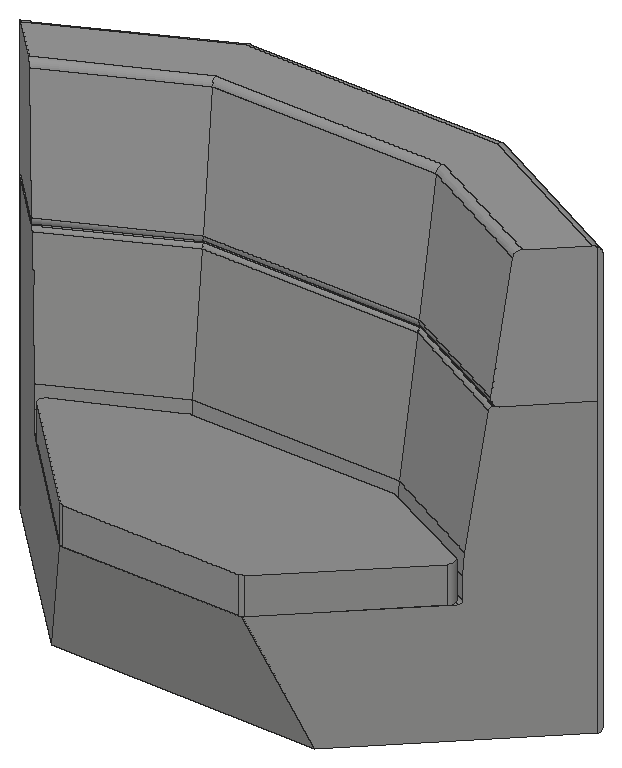
Revit family "TakeUp 2 Tier Corner", category Furniture, Revit 2016
Family settings
  OmniClass Number = 23.40.00.00
  OmniClass Title = Equipment and Furnishings
  Work Plane-Based = No
  Always vertical = Yes
  Cut with Voids When Loaded = No
  Shared = No
  Room Calculation Point = No
Parameters (values of type "TKUMCA")
  URL = "www.gof.co.uk"
  Top = Gresham - White MFC
  Tier 3 = Gresham - Dark Grey
  Tier 2 = Gresham - Dark Grey
  Tier 1 = Gresham - Grey Fabric
  Seat (Visibility) = yes
  Seat = Gresham - Grey Fabric
  Range = "SEATING"
  Arms = Gresham - Dark Grey
  Product Code = "TKUMCA"
  Model = "TAKE UP"
  Manufacturer = "Gresham Office Funiture"  # constant formula
  Foot = Gresham - Black Plastic
  Assembly Code = "E2020200"
Types (2, lengths in mm): name | Seat (Visibility) | Product Code
  TKUMCA | yes | "TKUMCA"
  TKUMCTA | no | "TKUMCTA"
Reference planes
  plane 1 "Center (Front/Back)": y = -80.34
  plane 2: z = 0
  plane 3 "Center (Left/Right)": x = 0
  plane 4 "Foot": z = 15
  plane 5: z = 451
  plane 6: z = 834
  plane 7: z = 1217
  plane 8: z = 1600
  plane 9: y = 310.805
  plane 10: y = -471.485
  plane 11: through (-802.958, 81.473, 1200) normal (0.7071, 0.7071, 0)
  plane 12: through (802.958, 81.473, 1200) normal (0.7071, -0.7071, 0)
  plane 13: x = -350
  plane 14: x = 350
Forms (mm)
  Revolve 1, solid, material "Gresham - Black Plastic" <- "Foot"
    sketch origin (200.31, 74.402, 1.204) x (-1, 0, 0) y (0, 0, 1)
      loop
        line (911.343, 13.796) -> (911.343, -1.204) -> (925.892, -1.204)
        arc (925.892, -1.204) -> (932.417, 1.499) -> (935.119, 8.023) r 9.227
        line (935.119, 8.023) -> (935.119, 13.796) -> (911.343, 13.796)
      axis (911.343, 13.796) -> (911.343, -1.204)
    angle from 0 to 360
  Sweep 2, solid, material "Gresham - Grey Fabric" <- "Tier 1"
    path in 3D
      loop
        line (795.886, 74.402, 125.27) -> (350, 300.805, 125.27) -> (-350, 300.805, 125.27) -> (-795.886, 74.402, 125.27)
    profile origin (0, 300.805, 125.27) x (0, -1, 0) y (0, 0, 1)
      loop
        line (772.29, -110.27) -> (772.29, 224.781) -> (287.678, 224.781)
        arc (287.678, 224.781) -> (280.607, 227.71) -> (277.678, 234.781) r 10
        line (277.678, 234.781) -> (277.678, 294.756)
        arc (277.678, 294.756) -> (276.665, 323.561) -> (273.631, 352.223) r 410
        line (273.631, 352.223) -> (224.381, 700.131)
        arc (224.381, 700.131) -> (221.036, 706.28) -> (214.479, 708.73) r 10
        line (214.479, 708.73) -> (0, 708.73) -> (0, -110.27) -> (772.29, -110.27)
  Revolve 3, solid, material "Gresham - Black Plastic" <- "Foot"
    sketch origin (592.136, -317.425, 1.204) x (-1, 0, 0) y (0, 0, 1)
      loop
        line (911.343, 13.796) -> (911.343, -1.204) -> (925.892, -1.204)
        arc (925.892, -1.204) -> (932.417, 1.499) -> (935.119, 8.023) r 9.227
        line (935.119, 8.023) -> (935.119, 13.796) -> (911.343, 13.796)
      axis (911.343, 13.796) -> (911.343, -1.204)
    angle from 0 to 360
  Revolve 4, solid, material "Gresham - Black Plastic" <- "Foot"
    sketch origin (-200.31, 74.402, 1.204) x (1, 0, 0) y (0, 0, -1)
      loop
        line (911.343, -13.796) -> (935.119, -13.796) -> (935.119, -8.023)
        arc (935.119, -8.023) -> (932.417, -1.499) -> (925.892, 1.204) r 9.227
        line (925.892, 1.204) -> (911.343, 1.204) -> (911.343, -13.796)
      axis (911.343, -13.796) -> (911.343, 1.204)
    angle from 0 to 360
  Revolve 5, solid, material "Gresham - Black Plastic" <- "Foot"
    sketch origin (-521.466, 239.411, 1.204) x (1, 0, 0) y (0, 0, -1)
      loop
        line (911.343, -13.796) -> (935.119, -13.796) -> (935.119, -8.023)
        arc (935.119, -8.023) -> (932.417, -1.499) -> (925.892, 1.204) r 9.227
        line (925.892, 1.204) -> (911.343, 1.204) -> (911.343, -13.796)
      axis (911.343, -13.796) -> (911.343, 1.204)
    angle from 0 to 360
  Revolve 6, solid, material "Gresham - Black Plastic" <- "Foot"
    sketch origin (-592.136, -317.425, 1.204) x (1, 0, 0) y (0, 0, -1)
      loop
        line (911.343, -13.796) -> (935.119, -13.796) -> (935.119, -8.023)
        arc (935.119, -8.023) -> (932.417, -1.499) -> (925.892, 1.204) r 9.227
        line (925.892, 1.204) -> (911.343, 1.204) -> (911.343, -13.796)
      axis (911.343, -13.796) -> (911.343, 1.204)
    angle from 0 to 360
  Sweep 7, solid, material "Gresham - Dark Grey" <- "Tier 2"
    path in 3D
      loop
        line (795.886, 74.402, 125.27) -> (350, 300.805, 125.27) -> (-350, 300.805, 125.27) -> (-795.886, 74.402, 125.27)
    profile origin (0, 300.805, 125.27) x (0, -1, 0) y (0, 0, 1)
      loop
        arc (-10, -100.271) -> (-7.071, -107.342) -> (0, -110.271) r 10
        line (0, -110.271) -> (0, 708.73) -> (201.343, 708.73)
        arc (201.343, 708.73) -> (216.395, 715.56) -> (221.166, 731.386) r 20
        line (221.166, 731.386) -> (175.204, 1074.386)
        arc (175.204, 1074.386) -> (168.551, 1086.782) -> (155.381, 1091.73) r 20
        line (155.381, 1091.73) -> (10, 1091.73)
        arc (10, 1091.73) -> (-4.142, 1085.872) -> (-10, 1071.73) r 20
        line (-10, 1071.73) -> (-10, -100.271)
  Extrusion 8, solid, material "Gresham - Grey Fabric" <- "Seat", visible <- "Seat (Visibility)"
    sketch origin (0, 1.625, 125.27) x (0, -1, 0) y (1, 0, 0)
      loop
        arc (473.11, 241.716) -> (471.587, 249.369) -> (467.252, 255.858) r 20
        line (467.252, 255.858) -> (156.786, 566.324)
        arc (156.786, 566.324) -> (139.343, 571.907) -> (124.668, 560.949) r 20
        line (124.668, 560.949) -> (-9.479, 285.907)
        arc (-9.479, 285.907) -> (-10.99, 281.638) -> (-11.503, 277.139) r 20
        line (-11.503, 277.139) -> (-11.503, -277.139)
        arc (-11.503, -277.139) -> (-10.99, -281.638) -> (-9.479, -285.907) r 20
        line (-9.479, -285.907) -> (124.668, -560.949)
        arc (124.668, -560.949) -> (139.343, -571.907) -> (156.786, -566.324) r 20
        line (156.786, -566.324) -> (467.252, -255.858)
        arc (467.252, -255.858) -> (471.587, -249.369) -> (473.11, -241.716) r 20
        line (473.11, -241.716) -> (473.11, 241.716)
    from 224.781 to 325.73
  Extrusion 9, void
    sketch origin (-78.499, -1318.3, 125.27) x (0.707107, -0.707107, 0) y (0.707107, 0.707107, 0)
      loop
        line (-63.581, 733.878) -> (-63.581, 1637.519) -> (-366.505, 1637.519) -> (-366.505, 733.878) -> (-63.581, 733.878)
    from -125.27 to 1474.73
  Extrusion 10, void
    sketch origin (78.499, -1318.3, 125.27) x (0.707107, 0.707107, 0) y (-0.707107, 0.707107, 0)
      loop
        line (63.581, 733.878) -> (366.505, 733.878) -> (366.505, 1637.519) -> (63.581, 1637.519) -> (63.581, 733.878)
    from -125.27 to 1474.73
  Extrusion 11, void
    sketch origin (0, 0, 125.27) x (0, -1, 0) y (1, 0, 0)
      loop
        line (471.485, 350) -> (471.485, -350) -> (534.654, -350) -> (534.654, 350) -> (471.485, 350)
    from -125.27 to 325.73
  Extrusion 12, void
    sketch origin (0, 0, 0) x (0, 1, 0) y (0, 0, 1)
      loop
        line (-339.537, -42.49) -> (-534.593, 537.799) -> (-534.593, -42.49) -> (-339.537, -42.49)
    from -500 to 500
  Revolve 13, solid, material "Gresham - Black Plastic" <- "Foot"
    sketch origin (521.466, 239.411, 1.204) x (-1, 0, 0) y (0, 0, 1)
      loop
        line (911.343, 13.796) -> (911.343, -1.204) -> (925.892, -1.204)
        arc (925.892, -1.204) -> (932.417, 1.499) -> (935.119, 8.023) r 9.227
        line (935.119, 8.023) -> (935.119, 13.796) -> (911.343, 13.796)
      axis (911.343, 13.796) -> (911.343, -1.204)
    angle from 0 to 360
  Extrusion 14, void
    sketch origin (0, 20.584, 115.219) x (0, -1, 0) y (1, 0, 0)
      loop
        arc (27.455, -274.746) -> (27.73, -277.074) -> (28.539, -279.273) r 10
        line (28.539, -279.273) -> (159.015, -536.238)
        arc (159.015, -536.238) -> (166.36, -541.586) -> (175.003, -538.781) r 10
        line (175.003, -538.781) -> (469.139, -244.645)
        arc (469.139, -244.645) -> (471.307, -241.4) -> (472.068, -237.574) r 10
        line (472.068, -237.574) -> (472.068, 237.574)
        arc (472.068, 237.574) -> (471.307, 241.4) -> (469.139, 244.645) r 10
        line (469.139, 244.645) -> (175.003, 538.781)
        arc (175.003, 538.781) -> (166.36, 541.586) -> (159.015, 536.238) r 10
        line (159.015, 536.238) -> (28.539, 279.273)
        arc (28.539, 279.273) -> (27.73, 277.074) -> (27.455, 274.746) r 10
        line (27.455, 274.746) -> (27.455, -274.746)
    from 204.781 to 249.781
  Extrusion 15, solid, material "Gresham - White MFC" <- "Top"
    sketch origin (0, 0, 125.27) x (0, -1, 0) y (1, 0, 0)
      loop
        arc (6.848, -274.7) -> (7.123, -277.027) -> (7.932, -279.227) r 10
        line (7.932, -279.227) -> (138.431, -536.238)
        arc (138.431, -536.238) -> (145.777, -541.586) -> (154.419, -538.781) r 10
        line (154.419, -538.781) -> (448.556, -244.645)
        arc (448.556, -244.645) -> (450.723, -241.4) -> (451.485, -237.574) r 10
        line (451.485, -237.574) -> (451.485, 237.574)
        arc (451.485, 237.574) -> (450.723, 241.4) -> (448.556, 244.645) r 10
        line (448.556, 244.645) -> (154.419, 538.781)
        arc (154.419, 538.781) -> (145.777, 541.586) -> (138.431, 536.238) r 10
        line (138.431, 536.238) -> (7.946, 279.244)
        arc (7.946, 279.244) -> (7.126, 277.031) -> (6.848, 274.688) r 10.002
        line (6.848, 274.688) -> (6.848, -274.7)
    from 194.73 to 219.73
Cuts and joins
  Extrusion 9, Extrusion 10, Extrusion 11, Extrusion 12, Extrusion 14 cuts Sweep 2
  Extrusion 9, Extrusion 10 cuts Sweep 7
  Extrusion 10 cuts Extrusion 8
Lines and regions (mm)
  sketch lines
    curve 1: line (350, 300.805, 125.27) -> (-350, 300.805, 125.27)
    curve 2: line (-350, 300.805, 125.27) -> (-795.886, 74.402, 125.27)
    curve 3: line (350, 300.805, 125.27) -> (795.886, 74.402, 125.27)
    curve 4: line (350, 300.805, 125.27) -> (-350, 300.805, 125.27)
    curve 5: line (350, 300.805, 125.27) -> (795.886, 74.402, 125.27)
    curve 6: line (-350, 300.805, 125.27) -> (-795.886, 74.402, 125.27)
Dimensions and locks
  locked: plane 4 "Foot" to level at 15
  Revolve 1 sketch curve to Revolve 1 sketch curve = 23.776 mm
  plane 5 to level = 451 mm  (x2)
  plane 5 to plane 6 = 383 mm
  plane 6 to plane 7 = 383 mm
  plane 7 to plane 8 = 383 mm
  locked: plane 8 to level at 1600
  plane 7 to plane 6 = 383 mm
  plane 8 to level = 1600 mm
  plane 9 to plane 10 = 782.29 mm
  equal spacing: plane 9, plane 1 "Center (Front/Back)", plane 10
  Revolve 3 sketch curve to Revolve 3 sketch curve = 23.776 mm
  locked: Revolve 1 to plane 11 at 76.812
  Revolve 4 sketch curve to Revolve 4 sketch curve = 23.776 mm
  Revolve 5 sketch curve to Revolve 5 sketch curve = 23.776 mm
  Revolve 6 sketch curve to Revolve 6 sketch curve = 23.776 mm
  plane 8 to plane 7 = 383 mm
  plane 6 to plane 5 = 383 mm
  locked: Revolve 3 to plane 11 at 43.188
  plane 13 to plane 3 "Center (Left/Right)" to plane 14 = 350 mm, 350 mm
  plane 13 to plane 14 = 700 mm
  locked: Revolve 4 to plane 12 at 76.812
  Revolve 13 sketch curve to Revolve 13 sketch curve = 23.776 mm
  locked: Revolve 6 to plane 12 at 43.188
  Extrusion 14 to level = 320 mm
  aligned and locked: level to plane 2
  aligned and locked: Extrusion 15 to cut or joined group of Sweep 2, Extrusion 9, Extrusion 10, Extrusion 11, Extrusion 12, Extrusion 14
Automatic sketch dimensions
  Revolve 1 sketch curve to plane 4 "Foot" = 0 mm
  Revolve 1 sketch curve to level = 0 mm
  Revolve 1 sketch curve to plane 13 = 361.034 mm
  Revolve 1 sketch curve to plane 4 "Foot" = 5.773 mm
  Revolve 1 sketch curve to Revolve 1 sketch curve = 0 mm
  Revolve 1 sketch curve to level = 5 mm
  Revolve 1 sketch curve to Revolve 1 sketch curve = 5 mm
  Sweep 2 sketch curve to profile plane = 0 mm
  profile plane to Sweep 2 sketch curve = 132.322 mm
  Sweep 2 sketch curve to profile plane = 214.479 mm
  Sweep 2 sketch curve to Sweep 2 sketch curve = 9.901 mm
  Sweep 2 sketch curve to profile plane = 273.631 mm
  Sweep 2 sketch curve to Sweep 2 sketch curve = 4.047 mm
  Sweep 2 sketch curve to Sweep 2 sketch curve = 10 mm
  profile plane to Sweep 2 sketch curve = 224.781 mm
  Sweep 2 sketch curve to Sweep 2 sketch curve = 484.611 mm
  Sweep 2 sketch curve to profile plane = 110.27 mm
  profile plane to Sweep 2 sketch curve = 294.756 mm
  Sweep 2 sketch curve to Sweep 2 sketch curve = 346.506 mm
  Sweep 2 sketch curve to Sweep 2 sketch curve = 1.402 mm
  Revolve 3 sketch curve to plane 4 "Foot" = 0 mm
  Revolve 3 sketch curve to level = 0 mm
  plane 13 to Revolve 3 sketch curve = 30.793 mm
  Revolve 3 sketch curve to plane 4 "Foot" = 5.773 mm
  Revolve 3 sketch curve to Revolve 3 sketch curve = 0 mm
  Revolve 3 sketch curve to Revolve 3 sketch curve = 5 mm
  level to Revolve 3 sketch curve = 5 mm
  Revolve 4 sketch curve to plane 4 "Foot" = 0 mm
  Revolve 4 sketch curve to level = 0 mm
  plane 14 to Revolve 4 sketch curve = 361.034 mm
  Revolve 4 sketch curve to plane 4 "Foot" = 5.773 mm
  Revolve 4 sketch curve to Revolve 4 sketch curve = 0 mm
  Revolve 4 sketch curve to Revolve 4 sketch curve = 5 mm
  Revolve 4 sketch curve to level = 5 mm
  Revolve 5 sketch curve to plane 4 "Foot" = 0 mm
  Revolve 5 sketch curve to level = 0 mm
  plane 14 to Revolve 5 sketch curve = 39.878 mm
  Revolve 5 sketch curve to plane 4 "Foot" = 5.773 mm
  Revolve 5 sketch curve to Revolve 5 sketch curve = 0 mm
  level to Revolve 5 sketch curve = 5 mm
  Revolve 5 sketch curve to Revolve 5 sketch curve = 5 mm
  Revolve 6 sketch curve to plane 4 "Foot" = 0 mm
  Revolve 6 sketch curve to level = 0 mm
  Revolve 6 sketch curve to plane 14 = 30.793 mm
  Revolve 6 sketch curve to plane 4 "Foot" = 5.773 mm
  Revolve 6 sketch curve to Revolve 6 sketch curve = 0 mm
  level to Revolve 6 sketch curve = 5 mm
  Revolve 6 sketch curve to Revolve 6 sketch curve = 5 mm
  Extrusion 8 sketch curve to plane 11 = 0 mm  (x2)
  Extrusion 8 sketch curve to plane 12 = 0 mm  (x2)
  plane 10 to Extrusion 8 sketch curve = 0 mm
  Extrusion 8 sketch curve to plane 10 = 5.858 mm  (x2)
  Extrusion 8 sketch curve to Extrusion 8 sketch curve = 20 mm
  Extrusion 8 sketch curve to plane 10 = 20 mm
  plane 1 "Center (Front/Back)" to Extrusion 8 sketch curve = 74.821 mm  (x2)
  Extrusion 8 sketch curve to Extrusion 8 sketch curve = 14.142 mm  (x3)
  Extrusion 8 sketch curve to Extrusion 8 sketch curve = 17.976 mm  (x4)
  Extrusion 8 sketch curve to plane 1 "Center (Front/Back)" = 73.468 mm  (x2)
  Extrusion 8 sketch curve to plane 14 = 64.093 mm
  Extrusion 8 sketch curve to Extrusion 8 sketch curve = 2.024 mm
  Extrusion 8 sketch curve to Extrusion 8 sketch curve = 5.375 mm
  plane 13 to Extrusion 8 sketch curve = 64.093 mm
  Extrusion 9 sketch curve to plane 12 = 0 mm
  Extrusion 9 sketch curve to plane 12 = 302.924 mm
  plane 11 to Extrusion 9 sketch curve = 256.359 mm
  Extrusion 9 sketch curve to Extrusion 9 sketch curve = 903.641 mm
  Extrusion 10 sketch curve to plane 11 = 0 mm
  Extrusion 10 sketch curve to plane 11 = 302.924 mm
  plane 12 to Extrusion 10 sketch curve = 256.359 mm
  Extrusion 10 sketch curve to Extrusion 10 sketch curve = 903.641 mm
  plane 10 to Extrusion 11 sketch curve = 0 mm
  Extrusion 11 sketch curve to plane 14 = 0 mm
  Extrusion 11 sketch curve to plane 13 = 0 mm
  Extrusion 11 sketch curve to Extrusion 11 sketch curve = 63.169 mm
  plane 10 to Extrusion 12 sketch curve = 63.109 mm
  Extrusion 12 sketch curve to level = 42.49 mm
  Extrusion 12 sketch curve to plane 10 = 131.947 mm
  Extrusion 12 sketch curve to plane 5 = 86.799 mm
  Revolve 13 sketch curve to plane 4 "Foot" = 0 mm
  Revolve 13 sketch curve to level = 0 mm
  Revolve 13 sketch curve to plane 13 = 39.878 mm
  Revolve 13 sketch curve to plane 4 "Foot" = 5.773 mm
  Revolve 13 sketch curve to Revolve 13 sketch curve = 0 mm
  Revolve 13 sketch curve to Revolve 13 sketch curve = 5 mm
  level to Revolve 13 sketch curve = 5 mm
  Extrusion 14 sketch curve to plane 1 "Center (Front/Back)" = 73.468 mm
  Extrusion 14 sketch curve to Extrusion 14 sketch curve = 1.084 mm  (x2)
  Extrusion 14 sketch curve to Extrusion 14 sketch curve = 8.916 mm  (x4)
  plane 1 "Center (Front/Back)" to Extrusion 14 sketch curve = 58.092 mm  (x2)
  Extrusion 14 sketch curve to Extrusion 14 sketch curve = 7.071 mm  (x3)
  Extrusion 14 sketch curve to plane 10 = 30 mm  (x2)
  Extrusion 14 sketch curve to plane 10 = 22.929 mm
  Extrusion 14 sketch curve to Extrusion 14 sketch curve = 2.929 mm
  Extrusion 14 sketch curve to plane 13 = 188.781 mm
  Extrusion 14 sketch curve to Extrusion 14 sketch curve = 2.544 mm
  plane 13 to Extrusion 14 sketch curve = 70.727 mm
  plane 13 to Extrusion 14 sketch curve = 105.355 mm
  Extrusion 14 sketch curve to plane 14 = 112.426 mm
  Extrusion 14 sketch curve to plane 14 = 75.254 mm
  plane 14 to Extrusion 14 sketch curve = 181.71 mm
  Extrusion 14 sketch curve to Extrusion 14 sketch curve = 4.527 mm
  Extrusion 15 sketch curve to plane 1 "Center (Front/Back)" = 73.492 mm
  Extrusion 15 sketch curve to Extrusion 15 sketch curve = 1.098 mm
  Extrusion 15 sketch curve to Extrusion 15 sketch curve = 8.904 mm
  plane 13 to Extrusion 15 sketch curve = 70.773 mm
  Extrusion 15 sketch curve to plane 1 "Center (Front/Back)" = 72.408 mm
  Extrusion 15 sketch curve to plane 1 "Center (Front/Back)" = 63.492 mm
  plane 1 "Center (Front/Back)" to Extrusion 15 sketch curve = 58.092 mm  (x2)
  Extrusion 15 sketch curve to Extrusion 15 sketch curve = 8.916 mm  (x2)
  Extrusion 15 sketch curve to Extrusion 15 sketch curve = 7.071 mm  (x4)
  Extrusion 15 sketch curve to plane 10 = 30 mm  (x2)
  Extrusion 15 sketch curve to Extrusion 15 sketch curve = 2.929 mm
  Extrusion 15 sketch curve to plane 13 = 181.71 mm
  Extrusion 15 sketch curve to Extrusion 15 sketch curve = 4.527 mm  (x2)
  plane 13 to Extrusion 15 sketch curve = 105.355 mm
  Extrusion 15 sketch curve to plane 14 = 112.426 mm
  Extrusion 15 sketch curve to plane 14 = 75.312 mm
  plane 14 to Extrusion 15 sketch curve = 181.71 mm
  Sweep 7 sketch curve to profile plane = 0 mm  (x2)
  Sweep 7 sketch curve to Sweep 7 sketch curve = 10 mm
  Sweep 7 sketch curve to profile plane = 10 mm
  Sweep 7 sketch curve to Sweep 7 sketch curve = 145.381 mm
  Sweep 7 sketch curve to Sweep 7 sketch curve = 19.823 mm  (x2)
  Sweep 7 sketch curve to profile plane = 201.343 mm
  Sweep 7 sketch curve to profile plane = 100.271 mm
  profile plane to Sweep 7 sketch curve = 708.73 mm
  Sweep 7 sketch curve to Sweep 7 sketch curve = 20 mm
  Sweep 7 sketch curve to Sweep 7 sketch curve = 343 mm
  Sweep 7 sketch curve to Sweep 7 sketch curve = 2.656 mm
  Sweep 7 sketch curve to Sweep 7 sketch curve = 0 mm
